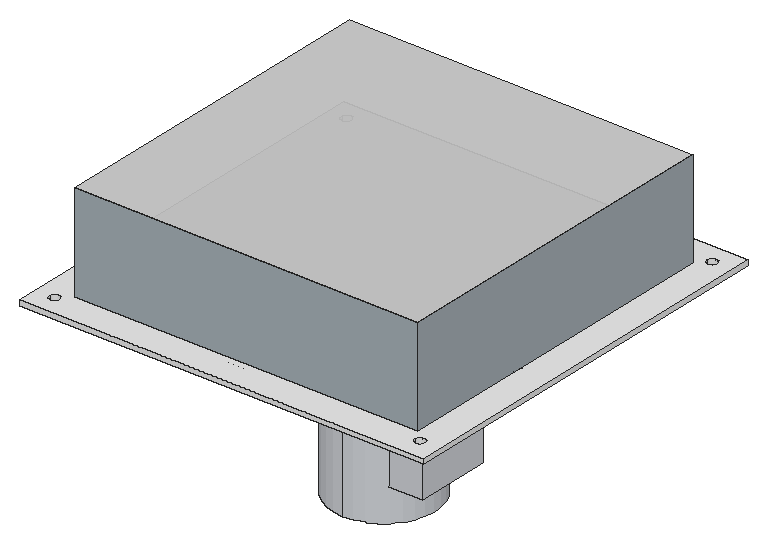
Revit family "A 16", category Mechanical Equipment, Revit 2016
Family settings
  Part Type = Normal
  Round Connector Dimension = Use Diameter
  OmniClass Number = 23.75.70.21.24.11
  OmniClass Title = Constant Volume Air Terminal Units
  Work Plane-Based = Yes
  Always vertical = Yes
  Cut with Voids When Loaded = No
  Shared = No
  Room Calculation Point = No
Parameters (values of type "A 16")
  ZERO [instance] = 0.00"
  X [instance] = 1.50"
  DIA [instance] = 16.75"
  CFM@0.10" S.P. [instance] = 2420 CFM
  Volts_AC [instance] = 120 VA
  Default Elevation = 72.00"
  CFM = "SP 0/CFM 2500 - SP 0.10/CFM 2420 - SP 0.25/CFM 2250"
  BOX [instance] = 16.75"
  URL = "http://www.reversomatic.com/product-category/commercial-industrial/wall-propeller-fans/"
  RPM [instance] = 48.847 m³
  Model = "A 16"
  Manufacturer = "REVERSOMATIC"
  B [instance] = 14.00"
  C [instance] = 4.75"
  Description = "Wall Propeller Fans"
  Amps [instance] = 5.4 A
Reference planes (in)
  plane 1 "Center (Front/Back)": y = 0
  plane 2: z = 0
  plane 3 "Center (Left/Right)": x = 0
  plane 4 "Left": x = -8.375
  plane 5 "Right": x = 8.375
  plane 6 "Back": y = 8.375
  plane 7 "Front": y = -8.375
  plane 8 "Top": z = 4.75
  plane 9: z = -9.25
Forms (in)
  Extrusion 1, solid, material "Default New Material"
    sketch origin (0, 0, 0) x (1, 0, 0) y (0, 1, 0)
      loop
        line (-8.375, 8.375) -> (-8.375, -8.375) -> (8.375, -8.375) -> (8.375, 8.375) -> (-8.375, 8.375)
    from 0 to 4.75
  Extrusion 2, solid, material "Default New Material(1)"
    sketch origin (0, 0, 0) x (0, 1, 0) y (1, 0, 0)
      loop
        line (-9.875, 9.875) -> (-9.875, -9.875) -> (9.875, -9.875) -> (9.875, 9.875) -> (-9.875, 9.875)
    from 0 to 0.24475
  Blend 3, solid, material "Default New Material(1)"
    base sketch origin (0, 0, -0.24475) x (-1, 0, 0) y (0, -1, 0)
      loop
        circle (0.00576, 0.03251) r 8.375
    top sketch origin (0, 0, -0.24475) x (-1, 0, 0) y (0, -1, 0)
      loop
        circle (0, 0) r 4
    from 0 to -3.11685
  Extrusion 4, solid
    sketch origin (0, 0, -2.16926) x (0, -1, 0) y (-1, 0, 0)
      loop
        circle (-0.00005, 0.00016) r 2.5
    from 1.19234 to 7.08074
  Extrusion 5, solid
    sketch origin (-1.49259, -1.31141, 4.75) x (1, 0, 0) y (0, 1, 0)
      loop
        line (1.49259, 3.13036) -> (1.49259, -0.50754) -> (4.86044, -0.50754) -> (4.86044, 3.13036) -> (1.49259, 3.13036)
    from -8.86756 to -12.3788
  Extrusion 6, void
    sketch origin (0, 0, 0) x (-1, 0, 0) y (0, 1, 0)
      loop
        circle (-8.91327, -8.93426) r 0.25
      loop
        circle (8.92628, -8.93426) r 0.25
      loop
        circle (-8.91327, 8.90891) r 0.25
      loop
        circle (8.94445, 8.90891) r 0.25
    from 0 to 12
Cuts and joins
  Extrusion 6 cuts Extrusion 2
  joined: Extrusion 4, Extrusion 5
Lines and regions (in)
  Split face 1
    outline origin (-1.49259, -1.31141, -7.6288) x (1, 0, 0) y (0, 1, 0)
      loop
        line (1.49259, -0.12682) -> (1.6422, 0.21971) -> (1.73298, 0.55849) -> (1.76276, 0.75244) -> (1.77863, 1.05658) -> (1.76485, 1.29754) -> (1.7256, 1.54722) -> (1.65411, 1.81401) -> (1.55549, 2.06719) -> (1.49259, 2.19592) -> (1.49259, -0.12682)
  model lines
    curve 1: line (7.20834, -7.44967, 4.75) -> (7.20834, 7.30033, 4.75)
    curve 2: line (7.20834, 7.30033, 4.75) -> (-7.29166, 7.30033, 4.75)
    curve 3: line (-7.29166, 7.30033, 4.75) -> (-7.29166, -7.44967, 4.75)
    curve 4: line (-7.29166, -7.44967, 4.75) -> (7.20834, -7.44967, 4.75)
    curve 5: line (7.20834, -2.00407, 4.75) -> (-7.29166, -2.00407, 4.75)
    curve 6: line (-7.29166, 5.05033, 4.75) -> (7.20834, 5.05033, 4.75)
    curve 7: line (7.20834, -4.69967, 4.75) -> (-7.29166, -4.69967, 4.75)
    curve 8: line (7.20834, 0.42533, 4.75) -> (-7.29166, 0.42533, 4.75)
    curve 9: line (7.20834, 2.67533, 4.75) -> (-7.29166, 2.67533, 4.75)
Dimensions and locks (in)
  equal spacing: plane 4 "Left", plane 3 "Center (Left/Right)", plane 5 "Right"
  "BOX": plane 4 "Left" to plane 5 "Right"
  equal spacing: plane 6 "Back", plane 1 "Center (Front/Back)", plane 7 "Front"
  "BOX": plane 6 "Back" to plane 7 "Front"
  "C": plane 8 "Top" to level
  "B": plane 8 "Top" to plane 9
  "ZERO": plane 3 "Center (Left/Right)" to Blend 3 sketch curve
  "ZERO": Blend 3 sketch curve to plane 1 "Center (Front/Back)"
  "X": Extrusion 2 to Extrusion 1  (x3)
  "X": Extrusion 1 to Extrusion 2
  equal spacing: Extrusion 5, plane 1 "Center (Front/Back)", Extrusion 5
  plane 3 "Center (Left/Right)" to Extrusion 5 = 3.36784"
  "DIA": diameter of Blend 3 sketch curve
  aligned and locked: plane 2 to level
  aligned and locked: Extrusion 1 to plane 4 "Left"
  aligned and locked: plane 5 "Right" to Extrusion 1
  aligned and locked: plane 8 "Top" to Extrusion 1
  aligned and locked: Extrusion 4 to plane 9
  aligned and locked: Extrusion 4 to Blend 3
  aligned and locked: Blend 3 to Extrusion 2
  aligned and locked: Extrusion 5 to plane 3 "Center (Left/Right)"
Automatic sketch dimensions
  Extrusion 1 sketch curve to plane 4 "Left" = 0.00"
  Extrusion 1 sketch curve to plane 5 "Right" = 0.00"
  Extrusion 1 sketch curve to plane 7 "Front" = 0.00"
  Extrusion 1 sketch curve to plane 6 "Back" = 0.00"
  Extrusion 2 sketch curve to plane 7 "Front" = 1.50"
  plane 6 "Back" to Extrusion 2 sketch curve = 1.50"
  plane 5 "Right" to Extrusion 2 sketch curve = 1.50"
  Extrusion 2 sketch curve to plane 4 "Left" = 1.50"
  Blend 3 sketch curve to plane 3 "Center (Left/Right)" = 0.00576"
  plane 1 "Center (Front/Back)" to Blend 3 sketch curve = 0.03251"
  Extrusion 4 sketch curve to plane 1 "Center (Front/Back)" = 0.00005"
  Extrusion 4 sketch curve to plane 3 "Center (Left/Right)" = 0.00016"
  Extrusion 5 sketch curve to plane 3 "Center (Left/Right)" = 0.00"
  plane 3 "Center (Left/Right)" to Extrusion 5 sketch curve = 3.36784"
  plane 1 "Center (Front/Back)" to Extrusion 5 sketch curve = 1.81895"
  Extrusion 5 sketch curve to plane 1 "Center (Front/Back)" = 1.81895"
  Extrusion 6 sketch curve to Extrusion 2 = 0.96173"  (x2)
  Extrusion 6 sketch curve to Extrusion 2 = 0.94872"
  Extrusion 6 sketch curve to Extrusion 2 = 0.93055"
  Extrusion 6 sketch curve to Extrusion 2 = 0.96609"  (x2)
  Extrusion 6 sketch curve to Extrusion 2 = 0.94074"  (x2)
  curve 2 to Extrusion 1 = 1.08334"
  curve 4 to Extrusion 1 = 1.16666"
  curve 3 to Extrusion 1 = 0.92533"
  curve 2 to Extrusion 1 = 1.07467"
  curve 1 to curve 7 = 2.75"
  curve 7 to curve 5 = 2.6956"
  curve 5 to curve 8 = 2.4294"
  curve 8 to curve 9 = 2.25"
  curve 6 to curve 2 = 2.25"
  Split face 1 sketch curve to Extrusion 5 = 0.00"
  Split face 1 sketch curve to Extrusion 5 = 0.0629"
  Split face 1 sketch curve to Extrusion 5 = 0.14961"
  Split face 1 sketch curve to Extrusion 5 = 0.16151"
  Split face 1 sketch curve to Extrusion 5 = 0.233"
  Split face 1 sketch curve to Extrusion 5 = 0.24038"
  Split face 1 sketch curve to Split face 1 sketch curve = 0.02978"
  Split face 1 sketch curve to Split face 1 sketch curve = 0.03926"
  Split face 1 sketch curve to Split face 1 sketch curve = 0.01377"
  Split face 1 sketch curve to Extrusion 5 = 0.38072"
  Split face 1 sketch curve to Split face 1 sketch curve = 0.34653"
  Split face 1 sketch curve to Split face 1 sketch curve = 0.33878"
  Split face 1 sketch curve to Split face 1 sketch curve = 0.19395"
  Split face 1 sketch curve to Split face 1 sketch curve = 0.30414"
  Split face 1 sketch curve to Split face 1 sketch curve = 0.24096"
  Split face 1 sketch curve to Split face 1 sketch curve = 0.24967"
  Split face 1 sketch curve to Split face 1 sketch curve = 0.26679"
  Split face 1 sketch curve to Split face 1 sketch curve = 0.25318"
  Split face 1 sketch curve to Split face 1 sketch curve = 0.12874"
  radius of Blend 3 sketch curve = 4.00"
  radius of Extrusion 4 sketch curve = 2.50"
  radius of Extrusion 6 sketch curve = 0.25"  (x4)
